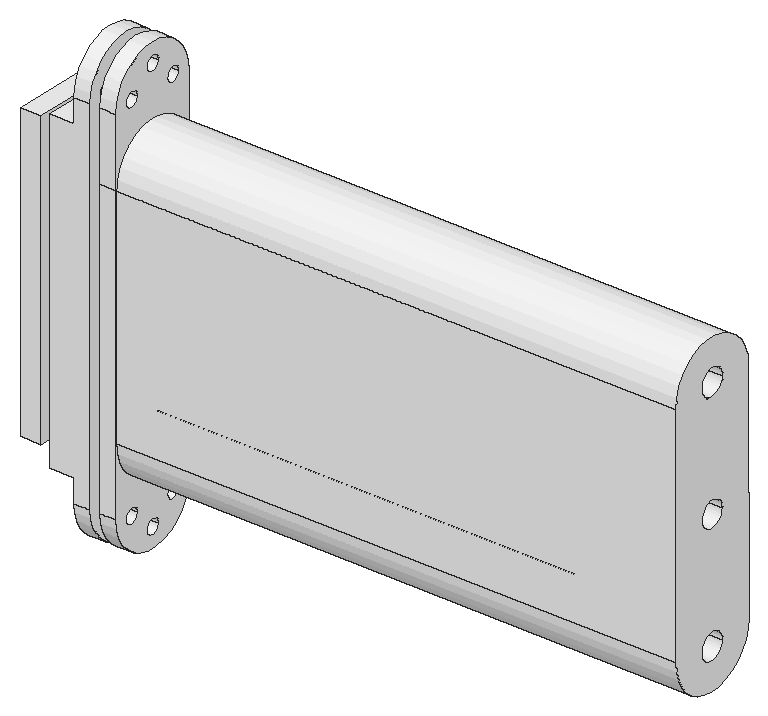
Revit family "KingswayGroup_UncntrlldDrClsr_RecessedSideCloser", category Specialty Equipment, Revit 2020
Family settings
  Round Connector Dimension = Use Diameter
  Part Type = Normal
  Work Plane-Based = No
  Always vertical = No
  Cut with Voids When Loaded = No
  Shared = No
  Room Calculation Point = No
Parameters
  WarrantyStartDate [instance] = "1900-12-31T23:59:59"
  WarrantyGuarantorParts = "sales@kingswaygroup.co.uk"
  WarrantyGuarantorLabor = "n/a"
  WarrantyDurationUnit = "year"
  WarrantyDurationParts = "5"
  WarrantyDurationLabor = "n/a"
  WarrantyDescription = "5-Year Guarantee *For faulty manufacture and not for damage"
  Version = "1"
  Uniclass2015Version = "Products v1.36"
  Uniclass2015Title = "Uncontrolled door closer"
  Uniclass2015Code = "Pr_30_36_59_92"
  URL = "https://kingswaygroupglobal.com/"
  TagNumber [instance] = "n/a"
  SustainabilityPerformance = "n/a"
  Size = "208 x 140 x 28 mm"
  Shape = "n/a"
  SerialNumber [instance] = "n/a"
  Revision = "n/a"
  ReplacementCost = "n/a"
  ProductInformation = "https://kingswaygroupglobal.com/product/recessed-side-closer?noredirect=true"
  NominalWidth = 28.00 mm  # constant formula
  NominalLength = 208.00 mm  # constant formula
  NominalHeight = 140.00 mm  # constant formula
  Name = "UncontrolledDoorCloser_RecessedSideCloser_KG21_KingswayGroup"
  ModelReference = "Recessed Side Closer"
  ModelNumber = "KG21"
  Model = ModelNumber  # "KG21"
  Material = "For full range of available material, contact Kingsway Group"
  ManufacturerURL = "https://kingswaygroupglobal.com/"
  ManufacturerName = "Kingsway Group"  # constant formula
  Manufacturer = ManufacturerName  # "Kingsway Group"
  InstallationDate [instance] = "1900-12-31T23:59:59"
  IfcExportType = "USERDEFINED"  # constant formula
  IfcExportAs = "IfcDiscreteAccessoryType"  # constant formula
  Grade = "n/a"
  Finish = "For full range of available finishes and colours, contact Kingsway Group"
  Features = "A recessed side closer unit that is fully concealed when closed and has an adjustable closing speed and latching action, designed for single-action doors up to 940mm wide and up to 80kg in weight with a maximum opening of 105 degrees."
  ExpectedLife = "n/a"
  DurationUnit = "year"
  CloserMaterial = NBS_Concept
  Description = "Recessed Door Closer"
  Default Elevation = 0.00 mm
  Constituents = "n/a"
  Color = "For full range of available finishes and colours, contact Kingsway Group"
  CodePerformance = "n/a"
  Category = "Pr_30_36_59_92:Uncontrolled door closer"
  BarCode [instance] = "n/a"
  BIMObjectName = "KingswayGroup_UncontrolledDoorCloser_RecessedSideCloser"
  Author = "Kingsway Group"  # constant formula
  AssetType = "Fixed"
  AssetIdentifier [instance] = "n/a"
  AccessibilityPerformance = "n/a"
Reference planes
  plane 1 "Center (Front/Back)": y = 0
  plane 2: z = 0
  plane 3 "Center (Left/Right)": x = 0
Forms (mm)
  Extrusion 1, solid, material "NBS_Concept" <- "CloserMaterial"
    sketch origin (0, 0, 0) x (0, 1, 0) y (0, 0, 1)
      loop
        line (-14, 56) -> (-14, 35) -> (-14, -56)
        arc (-14, -56) -> (0, -70) -> (14, -56) r 14
        line (14, -56) -> (14, 35) -> (14, 56)
        arc (14, 56) -> (0, 70) -> (-14, 56) r 14
      loop
        circle (8, 57.5) r 2.3
      loop
        circle (0, 64) r 2.3
      loop
        circle (-8, 57.5) r 2.3
      loop
        circle (-8, -57.5) r 2.3
      loop
        circle (0, -64) r 2.3
      loop
        circle (8, -57.5) r 2.3
      loop
        circle (0, 36.5) r 4.1
      loop
        circle (0, -36.5) r 4.1
      loop
        circle (0, 0) r 4
    from -91.25 to -86.25
  Extrusion 2, solid, material "NBS_Concept" <- "CloserMaterial"
    sketch origin (0, 0, 0) x (0, 1, 0) y (0, 0, 1)
      loop
        circle (0, 36.5) r 4.1
      loop
        circle (0, 0) r 4
      loop
        circle (0, -36.5) r 4.1
      loop
        line (-14, 35.001) -> (-14, -35)
        arc (-14, -35) -> (0, -49) -> (14, -35) r 14
        line (14, -35) -> (14, 35.001)
        arc (14, 35.001) -> (0, 49) -> (-14, 35.001) r 14
    from -86.25 to 86.25
  Extrusion 3, solid, material "NBS_Concept" <- "CloserMaterial"
    sketch origin (0, 0, 0) x (0, 1, 0) y (0, 0, 1)
      loop
        circle (0, -36.5) r 3.6
      loop
        circle (0, 0) r 3.5
      loop
        circle (0, 36.5) r 3.6
    from -122.25 to 53.75
  Extrusion 4, solid, material "NBS_Concept" <- "CloserMaterial"
    sketch origin (0, 0, 0) x (0, 1, 0) y (0, 0, 1)
      loop
        line (11.1, 45.375) -> (-11.1, 45.375) -> (-11.1, -45.375) -> (11.1, -45.375) -> (11.1, 45.375)
      loop
        circle (0, -36.5) r 4.1
      loop
        circle (0, 0) r 4
      loop
        circle (0, 36.5) r 4.1
    from -118.125 to -111.775
  Extrusion 5, solid, material "NBS_Concept" <- "CloserMaterial"
    sketch origin (-8, 0, 0) x (0, 1, 0) y (0, 0, 1)
      loop
        line (-14, 56) -> (-14, 35) -> (-14, -56)
        arc (-14, -56) -> (0, -70) -> (14, -56) r 14
        line (14, -56) -> (14, 35) -> (14, 56)
        arc (14, 56) -> (0, 70) -> (-14, 56) r 14
      loop
        circle (8, 57.5) r 2.3
      loop
        circle (0, 64) r 2.3
      loop
        circle (-8, 57.5) r 2.3
      loop
        circle (-8, -57.5) r 2.3
      loop
        circle (0, -64) r 2.3
      loop
        circle (8, -57.5) r 2.3
      loop
        circle (0, 36.5) r 4.1
      loop
        circle (0, -36.5) r 4.1
      loop
        circle (0, 0) r 4
    from -91.25 to -86.25
  Extrusion 6, solid, material "NBS_Concept" <- "CloserMaterial"
    sketch origin (17.247, 0, 0) x (0, 1, 0) y (0, 0, 1)
      loop
        line (14, 48.857) -> (-14, 48.857) -> (-14, -48.856) -> (14, -48.856) -> (14, 48.857)
      loop
        circle (0, -36.5) r 4.1
      loop
        circle (0, 0) r 4
      loop
        circle (0, 36.5) r 4.1
    from -123.997 to -116.497
Cuts and joins
  joined: Extrusion 5, Extrusion 6
Dimensions and locks
  aligned and locked: level to plane 2
